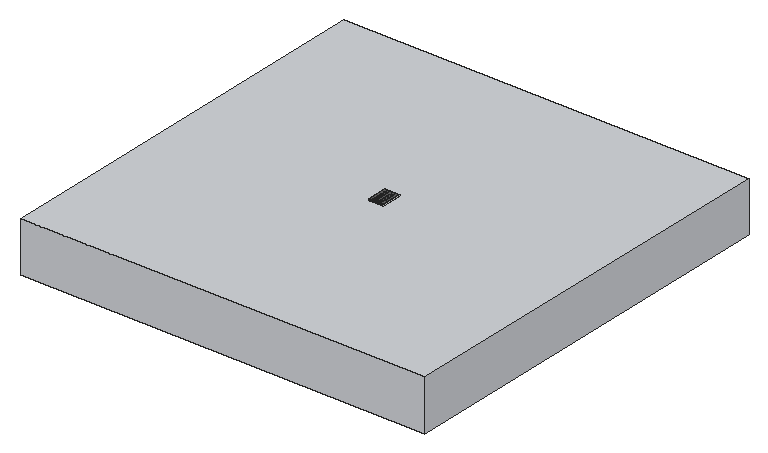
Revit family "Capacitive_touch_switch-TMDP8-AA_-AW_-PA_-PS_PW", category Equipos especializados, Revit 2018
Family settings
  Anfitrión = Cara
  Cota de conector redondo = Diámetro de uso
  Tipo de pieza = Normal
  Corte con vacíos al cargar = No
  Compartido = No
  Punto de cálculo de habitación = No
Parameters (values of type "ZVI-TMDP8-AA_surface")
  Width = 90.2 mm  # constant formula
  Weight = if(Constraints = 1, "180g", if(Constraints = 2, "140g", ""))  # "180g"
  Voltage typical (KNX supply) = "29VDC SELV"  # constant formula
  Voltage range (KNX supply) = "21...31VDC"  # constant formula
  URL = "http://www.zennio.com/en"
  Comentarios de tipo = "Completely customized image for printout glass through web application"  # constant formula
  Thermostats = 1  # constant formula
  Temperature sensor = "Built-in temperature sensor"  # constant formula
  Surface = if(Constraints3 = 1, 1 = 1, 1 = 0)  # yes
  Storage temperature = "-20ºC to +60ºC"  # constant formula
  Storage humidity = "30 to 85% RH (no condensation)"  # constant formula
  Protection class = "III"  # constant formula
  Product Page URL = "http://www.zennio.com/products/capacitive-switch/tmd-plus"
  PCB CTI index = "175 V"  # constant formula
  Orientation = "Vertical or horizontal position"  # constant formula
  Operation type = "Continuous operation"  # constant formula
  Operating temperature = "5ºC to +40ºC"  # constant formula
  Operating humidity = "30 to 85% RH (no condensation)"  # constant formula
  Modelo = if(and(Constraints = 1, Constraints2 = 1, Constraints3 = 1), "ZVI-TMDP8-AA_surface", if(and(Constraints = 1, Constraints2 = 1, Constraints3 = 2), "ZVI-TMDP8-AA_flush", if(and(Constraints = 2, Constraints2 = 1, Constraints3 = 1), "ZVI-TMDP8-PA_surface", if(and(Constraints = 2, Constraints2 = 1, Constraints3 = 2), "ZVI-TMDP8-PA_flush", if(and(Constraints = 1, Constraints2 = 2, Constraints3 = 1), "ZVI-TMDP8_surface", if(and(Constraints = 1, Constraints2 = 2, Constraints3 = 2), "ZVI-TMDP8_flush", if(and(Constraints = 2, Constraints2 = 2, Constraints3 = 1), "ZVI-TMDP8-P_surface", if(and(Constraints = 2, Constraints2 = 2, Constraints3 = 2), "ZVI-TMDP8-P_flush", if(and(Constraints = 1, Constraints2 = 3, Constraints3 = 1), "ZVI-TMDP8-AW_surface", if(and(Constraints = 1, Constraints2 = 3, Constraints3 = 2), "ZVI-TMDP8-AW_flush", if(and(Constraints = 2, Constraints2 = 3, Constraints3 = 1), "ZVI-TMDP8-PW_surface", if(and(Constraints = 2, Constraints2 = 3, Constraints3 = 2), "ZVI-TMDP8-PW_flush", " "))))))))))))  # "ZVI-TMDP8-AA_surface"
  Maximum consumption 29 VDC typical = "7mA"  # constant formula
  Maximum consumption 24 VDC = "8,5mA"  # constant formula
  Manufacturer Phone Number = "+34 925 232 002"  # constant formula
  Manufacturer Email = "info@zennio.com"  # constant formula
  Manufacturer Address = "C/ Río Jarama, 132. Nave P-8.11. 45007 Toledo. España"  # constant formula
  Fabricante = "Zennio Avance y Tecnología, S.L."  # constant formula
  Nota clave = "8 main touch areas and 5 auxiliary touch areas. State LED indicators with custom luminosity"  # constant formula
  Housing material = PC/ABS FR V0 halogen free - Anthracite
  Height = 122.7 mm  # constant formula
  Frame material = Aluminium frame
  Flush = if(Constraints3 = 2, 1 = 1, 1 = 0)  # no
  Fit = "Magnetic fit. Metallic stand included"  # constant formula
  External power supply connection = "No power supply different from the bus needed"  # constant formula
  Electrical stress period = "Long"  # constant formula
  Device action type = "Type 1"  # constant formula
  Descripción = "KNX Capacitive Touch Switch with 8 buttons"  # constant formula
  Depth_total = 25 mm  # constant formula
  Depth = 12 mm  # constant formula
  Degree of protection = "IP20, clean environment"  # constant formula
  Default Elevation = 1219.2 mm
  Copyright = "© 2017 Zennio Avance y Tecnología, S.L."  # constant formula
  Constraints3 = 1
  Constraints2 = 1
  Constraints = 1
  Connection type = "Typical TP1 bus connector for rigid cable 0.80 mm diameter"  # constant formula
  Complementary characteristics = "Class B"  # constant formula
  BCU = "Integrated KNX BCU"  # constant formula
  Analog/digital inputs = 2  # constant formula
Types (13, lengths in mm): name | Weight | Surface | Modelo | Housing material | Frame material | Flush | Constraints3 | Constraints2 | Constraints
  (no name) | "180g" | yes | "ZVI-TMDP8-AA_surface" | PC/ABS FR V0 halogen free - Anthracite | Aluminium frame | no | 1 | 1 | 1
  ZVI-TMDP8-PA_surface | "140g" | yes | "ZVI-TMDP8-PA_surface" | PC/ABS FR V0 halogen free - Anthracite | Polycarbonate frame - Anthracite | no | 1 | 1 | 2
  ZVI-TMDP8-PA_flush | "140g" | no | "ZVI-TMDP8-PA_flush" | PC/ABS FR V0 halogen free - Anthracite | Polycarbonate frame - Anthracite | yes | 2 | 1 | 2
  ZVI-TMDP8-AA_surface | "180g" | yes | "ZVI-TMDP8-AA_surface" | PC/ABS FR V0 halogen free - Anthracite | Aluminium frame | no | 1 | 1 | 1
  ZVI-TMDP8-AA_flush | "180g" | no | "ZVI-TMDP8-AA_flush" | PC/ABS FR V0 halogen free - Anthracite | Aluminium frame | yes | 2 | 1 | 1
  ZVI-TMDP8-AW_surface | "180g" | yes | "ZVI-TMDP8-AW_surface" | PC/ABS FR V0 halogen free - White | Aluminium frame | no | 1 | 3 | 1
  ZVI-TMDP8-PW_surface | "140g" | yes | "ZVI-TMDP8-PW_surface" | PC/ABS FR V0 halogen free - White | Polycarbonate frame - White | no | 1 | 3 | 2
  ZVI-TMDP8-AW_flush | "180g" | no | "ZVI-TMDP8-AW_flush" | PC/ABS FR V0 halogen free - White | Aluminium frame | yes | 2 | 3 | 1
  ZVI-TMDP8-PW_flush | "140g" | no | "ZVI-TMDP8-PW_flush" | PC/ABS FR V0 halogen free - White | Polycarbonate frame - White | yes | 2 | 3 | 2
  ZVI-TMDP8_surface | "180g" | yes | "ZVI-TMDP8_surface" | PC/ABS FR V0 halogen free - Silver | Aluminium frame | no | 1 | 2 | 1
  ZVI-TMDP8-P_surface | "140g" | yes | "ZVI-TMDP8-P_surface" | PC/ABS FR V0 halogen free - Silver | Polycarbonate frame - Silver | no | 1 | 2 | 2
  ZVI-TMDP8_flush | "180g" | no | "ZVI-TMDP8_flush" | PC/ABS FR V0 halogen free - Silver | Aluminium frame | yes | 2 | 2 | 1
  ZVI-TMDP8-P_flush | "140g" | no | "ZVI-TMDP8-P_flush" | PC/ABS FR V0 halogen free - Silver | Polycarbonate frame - Silver | yes | 2 | 2 | 2
Reference planes
  plane 1 "Center (Front/Back)": y = 0
  plane 2 "Ref. 1 top bis": z = 0
  plane 3 "Center (Left/Right)": x = 0
  plane 4 "Ref. left 1": x = -45.1
  plane 5 "Ref. 1 right": x = 45.1
  plane 6 "Ref. 1 front": y = 61.35
  plane 7 "Ref. 1 back": y = -61.35
  plane 8 "Ref. 2 front": y = 59.4
  plane 9 "Ref. 2 back": y = -59.4
  plane 10 "Ref. 2 left": x = -43.1
  plane 11 "Ref. 2 right": x = 43.1
  plane 12 "Ref. 1 top": z = 12
  plane 13 "Ref. 1 bottom": z = -13
  plane 14 "Ref. 2 bottom": z = 3
  plane 15 "Ref. 2 top": z = 10.5
  plane 16 "Ref. 3 bottom": z = 11
  plane 17 "Ref. 1 left bis": x = -45.1
  plane 18 "Ref. 2 left bis": x = -43.1
  plane 19 "Ref. 1 right bis": x = 45.1
  plane 20 "Ref. 2 right bis": x = 43.1
  plane 21 "Ref. 1 front bis": y = 61.35
  plane 22 "Ref. 2 front bis": y = 59.4
  plane 23 "Ref. 1 back bis": y = -61.35
  plane 24 "Ref. 2 back bis": y = -59.4
  plane 25 "Ref. 1 bottom bis": z = -25
  plane 26 "Ref. 2 bottom bis": z = -12
  plane 27 "Ref. 3 bottom bis": z = -9
  plane 28 "Ref. 3 top bis": z = -1.5
  plane 29 "Ref. 4 bottom bis": z = -1
  plane 30 "Ref. 3 left": x = -25.8
  plane 31 "Ref. 3 right": x = -9
  plane 32 "Ref. 4 right": x = 25.8
  plane 33 "Ref. 4 left": x = 9
  plane 34 "Ref. 3 front": y = 48.8
  plane 35 "Ref. 3 back": y = 32
  plane 36 "Ref. 4 front": y = 24.8
  plane 37 "Ref. 4 back": y = 8
  plane 38 "Ref. 5 front": y = 0.8
  plane 39 "Ref. 5 back": y = -16
  plane 40 "Ref. 6 front": y = -23.2
  plane 41 "Ref. 6 back": y = -40
  plane 42 "Ref. 7 back": y = -51.9
  plane 43 "Ref. 7 front": y = -50.3
  plane 44 "Ref. 3.1 right": x = -24.2
  plane 45 "Ref. 4.1 left": x = 24.2
  plane 46 "Ref. 5 left": x = -13.3
  plane 47 "Ref. 5 right": x = -11.7
  plane 48 "Ref. 6 left": x = -0.8
  plane 49 "Ref. 6 right": x = 0.8
  plane 50 "Ref. 7 left": x = 11.7
  plane 51 "Ref. 7 right": x = 13.3
  plane 52 "Ref. 3 left bis": x = -25.8
  plane 53 "Ref. 3 right bis": x = -9
  plane 54 "Ref. 4 right bis": x = 25.8
  plane 55 "Ref. 4 left bis": x = 9
  plane 56 "Ref. 3 front bis": y = 48.8
  plane 57 "Ref. 3 back bis": y = 32
  plane 58 "Ref. 4 front bis": y = 24.8
  plane 59 "Ref. 4 back bis": y = 8
  plane 60 "Ref. 5 front bis": y = 0.8
  plane 61 "Ref. 5 back bis": y = -16
  plane 62 "Ref. 6 front bis": y = -23.2
  plane 63 "Ref. 6 back bis": y = -40
  plane 64 "Ref. 7 back bis": y = -51.9
  plane 65 "Ref. 7 front bis": y = -50.3
  plane 66 "Ref 3.1 right bis": x = -24.2
  plane 67 "Ref. 4.1 left bis": x = 24.2
  plane 68 "Ref. 5 left bis": x = -13.3
  plane 69 "Ref. 5 right bis": x = -11.7
  plane 70 "Ref. 6 left bis": x = -0.8
  plane 71 "Ref. 6 right bis": x = 0.8
  plane 72 "Ref. 7 left bis": x = 11.7
  plane 73 "Ref. 7 right bis": x = 13.3
Forms (mm)
  Extrusion 1, solid
    sketch origin (0, 0, 0) x (1, 0, 0) y (0, 1, 0)
      loop
        line (-1219.2, 1219.2) -> (-1219.2, -1219.2) -> (1219.2, -1219.2) -> (1219.2, 1219.2) -> (-1219.2, 1219.2)
    from 0 to -304.8
  Extrusion 2, solid, material "Aluminium frame" <- "Frame material", visible <- "Surface", detail levels coarse
    sketch origin (0, 0, 0) x (1, 0, 0) y (0, 1, 0)
      loop
        line (-45.1, -61.35) -> (45.1, -61.35) -> (45.1, 61.35) -> (-45.1, 61.35) -> (-45.1, -61.35)
    from 3 to 10.5
  Extrusion 3, solid, material "Aluminium frame" <- "Frame material", visible <- "Surface", detail levels medium+fine
    sketch origin (0, 0, 0) x (1, 0, 0) y (0, 1, 0)
      loop
        arc (-43.1, 61.35) -> (-44.514, 60.764) -> (-45.1, 59.35) r 2
        line (-45.1, 59.35) -> (-45.1, -59.35)
        arc (-45.1, -59.35) -> (-44.514, -60.764) -> (-43.1, -61.35) r 2
        line (-43.1, -61.35) -> (43.05, -61.35)
        arc (43.05, -61.35) -> (44.5, -60.75) -> (45.1, -59.3) r 2.05
        line (45.1, -59.3) -> (45.1, 59.35)
        arc (45.1, 59.35) -> (44.514, 60.764) -> (43.1, 61.35) r 2
        line (43.1, 61.35) -> (-43.1, 61.35)
    from 3 to 10.5
  Extrusion 4, solid, material "PC/ABS FR V0 halogen free - Anthracite" <- "Housing material", visible <- "Surface"
    sketch origin (0, 0, 0) x (1, 0, 0) y (0, 1, 0)
      loop
        line (-14, 25) -> (-25, 14) -> (-25, -14) -> (-14, -25) -> (14, -25) -> (25, -14) -> (25, 13.994) -> (13.994, 25) -> (-14, 25)
    from -13 to 0
  Extrusion 5, solid, material "PC/ABS FR V0 halogen free - Anthracite" <- "Housing material", visible <- "Surface"
    sketch origin (0, 0, 0) x (1, 0, 0) y (0, 1, 0)
      loop
        line (42.6, 59.4) -> (-42.6, 59.4)
        arc (-42.6, 59.4) -> (-42.954, 59.254) -> (-43.1, 58.9) r 0.5
        line (-43.1, 58.9) -> (-43.1, -58.9)
        arc (-43.1, -58.9) -> (-42.954, -59.254) -> (-42.6, -59.4) r 0.5
        line (-42.6, -59.4) -> (42.6, -59.4)
        arc (42.6, -59.4) -> (42.954, -59.254) -> (43.1, -58.9) r 0.5
        line (43.1, -58.9) -> (43.1, 58.9)
        arc (43.1, 58.9) -> (42.954, 59.254) -> (42.6, 59.4) r 0.5
    from 0 to 12
  Extrusion 6, solid, material "Aluminium frame" <- "Frame material", visible <- "Flush", detail levels coarse
    sketch origin (0, 0, 0) x (1, 0, 0) y (0, 1, 0)
      loop
        line (-45.1, 61.35) -> (-45.1, -61.35) -> (45.1, -61.35) -> (45.1, 61.35) -> (-45.1, 61.35)
    from -9 to -1.5
  Extrusion 7, solid, material "Aluminium frame" <- "Frame material", visible <- "Flush", detail levels medium+fine
    sketch origin (0, 0, 0) x (1, 0, 0) y (0, 1, 0)
      loop
        arc (-43.1, 61.35) -> (-44.514, 60.764) -> (-45.1, 59.35) r 2
        line (-45.1, 59.35) -> (-45.1, -59.35)
        arc (-45.1, -59.35) -> (-44.514, -60.764) -> (-43.1, -61.35) r 2
        line (-43.1, -61.35) -> (43.1, -61.35)
        arc (43.1, -61.35) -> (44.514, -60.764) -> (45.1, -59.35) r 2
        line (45.1, -59.35) -> (45.1, 59.35)
        arc (45.1, 59.35) -> (44.514, 60.764) -> (43.1, 61.35) r 2
        line (43.1, 61.35) -> (-43.1, 61.35)
    from -9 to -1.5
  Extrusion 8, solid, material "PC/ABS FR V0 halogen free - Anthracite" <- "Housing material", visible <- "Flush"
    sketch origin (0, 0, 0) x (1, 0, 0) y (0, 1, 0)
      loop
        arc (-42.6, 59.4) -> (-42.954, 59.254) -> (-43.1, 58.9) r 0.5
        line (-43.1, 58.9) -> (-43.1, -58.9)
        arc (-43.1, -58.9) -> (-42.954, -59.254) -> (-42.6, -59.4) r 0.5
        line (-42.6, -59.4) -> (42.6, -59.4)
        arc (42.6, -59.4) -> (42.954, -59.254) -> (43.1, -58.9) r 0.5
        line (43.1, -58.9) -> (43.1, 58.9)
        arc (43.1, 58.9) -> (42.954, 59.254) -> (42.6, 59.4) r 0.5
        line (42.6, 59.4) -> (-42.6, 59.4)
    from -12 to 0
  Extrusion 9, solid, material "PC/ABS FR V0 halogen free - Anthracite" <- "Housing material", visible <- "Flush"
    sketch origin (0, 0, 0) x (1, 0, 0) y (0, 1, 0)
      loop
        line (-14, 25) -> (-25, 14) -> (-25, -14) -> (-14, -25) -> (14, -25) -> (25, -14) -> (25, 14) -> (14, 25) -> (-14, 25)
    from -25 to -12
  Extrusion 10, solid, material "PC/ABS FR V0 halogen free - Anthracite" <- "Housing material", visible <- "Surface", detail levels medium+fine
    sketch origin (0, 0, 0) x (1, 0, 0) y (0, 1, 0)
      loop
        line (-25.8, -50.3) -> (-25.8, -51.9) -> (-24.2, -51.9) -> (-24.2, -50.3) -> (-25.8, -50.3)
    from 11 to 12
  Extrusion 11, solid, material "PC/ABS FR V0 halogen free - Anthracite" <- "Housing material", visible <- "Surface", detail levels medium+fine
    sketch origin (30.442, -58.685, 0) x (1, 0, 0) y (0, 1, 0)
      loop
        line (-43.742, 8.385) -> (-43.742, 6.785) -> (-42.142, 6.785) -> (-42.142, 8.385) -> (-43.742, 8.385)
    from 11 to 12
  Extrusion 12, solid, material "PC/ABS FR V0 halogen free - Anthracite" <- "Housing material", visible <- "Surface", detail levels medium+fine
    sketch origin (25, 0, 0) x (1, 0, 0) y (0, 1, 0)
      loop
        line (-25.8, -50.3) -> (-25.8, -51.9) -> (-24.2, -51.9) -> (-24.2, -50.3) -> (-25.8, -50.3)
    from 11 to 12
  Extrusion 13, solid, material "PC/ABS FR V0 halogen free - Anthracite" <- "Housing material", visible <- "Surface", detail levels medium+fine
    sketch origin (50, 0, 0) x (1, 0, 0) y (0, 1, 0)
      loop
        line (-25.8, -50.3) -> (-25.8, -51.9) -> (-24.2, -51.9) -> (-24.2, -50.3) -> (-25.8, -50.3)
    from 11 to 12
  Extrusion 14, solid, material "PC/ABS FR V0 halogen free - Anthracite" <- "Housing material", visible <- "Surface", detail levels medium+fine
    sketch origin (37.5, 0, 0) x (1, 0, 0) y (0, 1, 0)
      loop
        line (-25.8, -50.3) -> (-25.8, -51.9) -> (-24.2, -51.9) -> (-24.2, -50.3) -> (-25.8, -50.3)
    from 11 to 12
  Extrusion 15, solid, material "PC/ABS FR V0 halogen free - Anthracite" <- "Housing material", visible <- "Surface"
    sketch origin (0, 0, 0) x (1, 0, 0) y (0, 1, 0)
      loop
        line (-25.8, 48.8) -> (-25.8, 32) -> (-9, 32) -> (-9, 48.8) -> (-25.8, 48.8)
    from 11 to 12
  Extrusion 16, solid, material "PC/ABS FR V0 halogen free - Anthracite" <- "Housing material", visible <- "Surface"
    sketch origin (0, -24, 0) x (1, 0, 0) y (0, 1, 0)
      loop
        line (-25.8, 48.8) -> (-25.8, 32) -> (-9, 32) -> (-9, 48.8) -> (-25.8, 48.8)
    from 11 to 12
  Extrusion 17, solid, material "PC/ABS FR V0 halogen free - Anthracite" <- "Housing material", visible <- "Surface"
    sketch origin (0, -48, 0) x (1, 0, 0) y (0, 1, 0)
      loop
        line (-25.8, 48.8) -> (-25.8, 32) -> (-9, 32) -> (-9, 48.8) -> (-25.8, 48.8)
    from 11 to 12
  Extrusion 18, solid, material "PC/ABS FR V0 halogen free - Anthracite" <- "Housing material", visible <- "Surface"
    sketch origin (0, -72, 0) x (1, 0, 0) y (0, 1, 0)
      loop
        line (-25.8, 48.8) -> (-25.8, 32) -> (-9, 32) -> (-9, 48.8) -> (-25.8, 48.8)
    from 11 to 12
  Extrusion 19, solid, material "PC/ABS FR V0 halogen free - Anthracite" <- "Housing material", visible <- "Surface"
    sketch origin (34.8, 0, 0) x (1, 0, 0) y (0, 1, 0)
      loop
        line (-25.8, 48.8) -> (-25.8, 32) -> (-9, 32) -> (-9, 48.8) -> (-25.8, 48.8)
    from 11 to 12
  Extrusion 20, solid, material "PC/ABS FR V0 halogen free - Anthracite" <- "Housing material", visible <- "Surface"
    sketch origin (34.8, -24, 0) x (1, 0, 0) y (0, 1, 0)
      loop
        line (-25.8, 48.8) -> (-25.8, 32) -> (-9, 32) -> (-9, 48.8) -> (-25.8, 48.8)
    from 11 to 12
  Extrusion 21, solid, material "PC/ABS FR V0 halogen free - Anthracite" <- "Housing material", visible <- "Surface"
    sketch origin (34.8, -48, 0) x (1, 0, 0) y (0, 1, 0)
      loop
        line (-25.8, 48.8) -> (-25.8, 32) -> (-9, 32) -> (-9, 48.8) -> (-25.8, 48.8)
    from 11 to 12
  Extrusion 22, solid, material "PC/ABS FR V0 halogen free - Anthracite" <- "Housing material", visible <- "Surface"
    sketch origin (34.8, -72, 0) x (1, 0, 0) y (0, 1, 0)
      loop
        line (-25.8, 48.8) -> (-25.8, 32) -> (-9, 32) -> (-9, 48.8) -> (-25.8, 48.8)
    from 11 to 12
  Extrusion 23, solid, material "PC/ABS FR V0 halogen free - Anthracite" <- "Housing material", visible <- "Flush"
    sketch origin (345, 0, 0) x (1, 0, 0) y (0, 1, 0)
      loop
        line (-370.8, 48.8) -> (-370.8, 32) -> (-354, 32) -> (-354, 48.8) -> (-370.8, 48.8)
    from -1 to 0
  Extrusion 24, solid, material "PC/ABS FR V0 halogen free - Anthracite" <- "Housing material", visible <- "Flush"
    sketch origin (379.8, 0, 0) x (1, 0, 0) y (0, 1, 0)
      loop
        line (-370.8, 48.8) -> (-370.8, 32) -> (-354, 32) -> (-354, 48.8) -> (-370.8, 48.8)
    from -1 to 0
  Extrusion 25, solid, material "PC/ABS FR V0 halogen free - Anthracite" <- "Housing material", visible <- "Flush"
    sketch origin (345, -24, 0) x (1, 0, 0) y (0, 1, 0)
      loop
        line (-370.8, 48.8) -> (-370.8, 32) -> (-354, 32) -> (-354, 48.8) -> (-370.8, 48.8)
    from -1 to 0
  Extrusion 26, solid, material "PC/ABS FR V0 halogen free - Anthracite" <- "Housing material", visible <- "Flush"
    sketch origin (345, -48, 0) x (1, 0, 0) y (0, 1, 0)
      loop
        line (-370.8, 48.8) -> (-370.8, 32) -> (-354, 32) -> (-354, 48.8) -> (-370.8, 48.8)
    from -1 to 0
  Extrusion 27, solid, material "PC/ABS FR V0 halogen free - Anthracite" <- "Housing material", visible <- "Flush"
    sketch origin (345, -72, 0) x (1, 0, 0) y (0, 1, 0)
      loop
        line (-370.8, 48.8) -> (-370.8, 32) -> (-354, 32) -> (-354, 48.8) -> (-370.8, 48.8)
    from -1 to 0
  Extrusion 28, solid, material "PC/ABS FR V0 halogen free - Anthracite" <- "Housing material", visible <- "Flush"
    sketch origin (379.8, -24, 0) x (1, 0, 0) y (0, 1, 0)
      loop
        line (-370.8, 48.8) -> (-370.8, 32) -> (-354, 32) -> (-354, 48.8) -> (-370.8, 48.8)
    from -1 to 0
  Extrusion 29, solid, material "PC/ABS FR V0 halogen free - Anthracite" <- "Housing material", visible <- "Flush"
    sketch origin (379.8, -48, 0) x (1, 0, 0) y (0, 1, 0)
      loop
        line (-370.8, 48.8) -> (-370.8, 32) -> (-354, 32) -> (-354, 48.8) -> (-370.8, 48.8)
    from -1 to 0
  Extrusion 30, solid, material "PC/ABS FR V0 halogen free - Anthracite" <- "Housing material", visible <- "Flush"
    sketch origin (379.8, -72, 0) x (1, 0, 0) y (0, 1, 0)
      loop
        line (-370.8, 48.8) -> (-370.8, 32) -> (-354, 32) -> (-354, 48.8) -> (-370.8, 48.8)
    from -1 to 0
  Extrusion 31, solid, material "PC/ABS FR V0 halogen free - Anthracite" <- "Housing material", visible <- "Flush", detail levels medium+fine
    sketch origin (345, 0, 0) x (1, 0, 0) y (0, 1, 0)
      loop
        line (-370.8, -50.3) -> (-370.8, -51.9) -> (-369.2, -51.9) -> (-369.2, -50.3) -> (-370.8, -50.3)
    from -1 to 0
  Extrusion 32, solid, material "PC/ABS FR V0 halogen free - Anthracite" <- "Housing material", visible <- "Flush", detail levels medium+fine
    sketch origin (357.5, 0, 0) x (1, 0, 0) y (0, 1, 0)
      loop
        line (-370.8, -50.3) -> (-370.8, -51.9) -> (-369.2, -51.9) -> (-369.2, -50.3) -> (-370.8, -50.3)
    from -1 to 0
  Extrusion 33, solid, material "PC/ABS FR V0 halogen free - Anthracite" <- "Housing material", visible <- "Flush", detail levels medium+fine
    sketch origin (370, 0, 0) x (1, 0, 0) y (0, 1, 0)
      loop
        line (-370.8, -50.3) -> (-370.8, -51.9) -> (-369.2, -51.9) -> (-369.2, -50.3) -> (-370.8, -50.3)
    from -1 to 0
  Extrusion 34, solid, material "PC/ABS FR V0 halogen free - Anthracite" <- "Housing material", visible <- "Flush", detail levels medium+fine
    sketch origin (382.5, 0, 0) x (1, 0, 0) y (0, 1, 0)
      loop
        line (-370.8, -50.3) -> (-370.8, -51.9) -> (-369.2, -51.9) -> (-369.2, -50.3) -> (-370.8, -50.3)
    from -1 to 0
  Extrusion 35, solid, material "PC/ABS FR V0 halogen free - Anthracite" <- "Housing material", visible <- "Flush", detail levels medium+fine
    sketch origin (395, 0, 0) x (1, 0, 0) y (0, 1, 0)
      loop
        line (-370.8, -50.3) -> (-370.8, -51.9) -> (-369.2, -51.9) -> (-369.2, -50.3) -> (-370.8, -50.3)
    from -1 to 0
Lines and regions (mm)
  reference lines
    curve 1: line (13.994, 25, 0) -> (-14, 25, 0)
    curve 2: line (-25, 14, 0) -> (-25, -14, 0)
    curve 3: line (-14, 25, 0) -> (-25, 14, 0)
    curve 4: line (25, -14, 0) -> (25, 13.994, 0)
    curve 5: line (14, -25, 0) -> (-14, -25, 0)
    curve 6: line (13.994, 25, 0) -> (25, 13.994, 0)
    curve 7: line (-25, -14, 0) -> (-14, -25, 0)
    curve 8: line (25, -14, 0) -> (14, -25, 0)
    curve 9: line (25, 0, -12) -> (-25, 0, -12)
    curve 10: line (-31, 25, -12) -> (31, 25, -12)
    curve 11: line (31, -25, -12) -> (-31, -25, -12)
    curve 12: line (25, 25, -12) -> (25, -25, -12)
    curve 13: line (-25, 25, -12) -> (-25, -25, -12)
    curve 14: line (-31, -8, -12) -> (-7.322, -31.678, -12)
    curve 15: line (31, -8, -12) -> (6.929, -32.071, -12)
    curve 16: line (8, 31, -12) -> (31, 8, -12)
    curve 17: line (-8, 31, -12) -> (-31, 8, -12)
Dimensions and locks
  equal spacing: plane 7 "Ref. 1 back", plane 1 "Center (Front/Back)", plane 6 "Ref. 1 front", locked at 61.35 each
  equal spacing: plane 4 "Ref. left 1", plane 3 "Center (Left/Right)", plane 5 "Ref. 1 right", locked at 45.1 each
  "Width": plane 4 "Ref. left 1" to plane 5 "Ref. 1 right"
  "Height": plane 7 "Ref. 1 back" to plane 6 "Ref. 1 front"
  equal spacing: plane 9 "Ref. 2 back", plane 1 "Center (Front/Back)", plane 8 "Ref. 2 front", locked at 59.4 each
  equal spacing: plane 10 "Ref. 2 left", plane 3 "Center (Left/Right)", plane 11 "Ref. 2 right", locked at 43.1 each
  locked: plane 2 "Ref. 1 top bis" to plane 12 "Ref. 1 top" at 12
  locked: plane 16 "Ref. 3 bottom" to plane 12 "Ref. 1 top" at 1
  locked: plane 15 "Ref. 2 top" to plane 16 "Ref. 3 bottom" at 0.5
  locked: plane 14 "Ref. 2 bottom" to plane 15 "Ref. 2 top" at 7.5
  equal spacing: plane 17 "Ref. 1 left bis", plane 3 "Center (Left/Right)", plane 19 "Ref. 1 right bis", locked at 45.1 each
  "Width": plane 17 "Ref. 1 left bis" to plane 19 "Ref. 1 right bis"
  equal spacing: plane 18 "Ref. 2 left bis", plane 3 "Center (Left/Right)", plane 20 "Ref. 2 right bis", locked at 43.1 each
  equal spacing: plane 23 "Ref. 1 back bis", plane 1 "Center (Front/Back)", plane 21 "Ref. 1 front bis", locked at 61.35 each
  "Height": plane 23 "Ref. 1 back bis" to plane 21 "Ref. 1 front bis"
  equal spacing: plane 24 "Ref. 2 back bis", plane 1 "Center (Front/Back)", plane 22 "Ref. 2 front bis", locked at 59.4 each
  locked: plane 26 "Ref. 2 bottom bis" to level at 12
  locked: plane 29 "Ref. 4 bottom bis" to plane 2 "Ref. 1 top bis" at 1
  locked: plane 28 "Ref. 3 top bis" to plane 29 "Ref. 4 bottom bis" at 0.5
  locked: plane 27 "Ref. 3 bottom bis" to plane 28 "Ref. 3 top bis" at 7.5
  locked: plane 25 "Ref. 1 bottom bis" to plane 2 "Ref. 1 top bis" at 25
  locked: plane 13 "Ref. 1 bottom" to plane 12 "Ref. 1 top" at 25
  locked: plane 34 "Ref. 3 front" to plane 21 "Ref. 1 front bis" at 12.55
  locked: plane 35 "Ref. 3 back" to plane 34 "Ref. 3 front" at 16.8
  locked: plane 35 "Ref. 3 back" to plane 36 "Ref. 4 front" at 7.2
  locked: plane 7 "Ref. 1 back" to plane 42 "Ref. 7 back" at 9.45
  locked: plane 43 "Ref. 7 front" to plane 42 "Ref. 7 back" at 1.6
  locked: plane 56 "Ref. 3 front bis" to plane 21 "Ref. 1 front bis" at 12.55
  locked: plane 57 "Ref. 3 back bis" to plane 56 "Ref. 3 front bis" at 16.8
  locked: plane 57 "Ref. 3 back bis" to plane 58 "Ref. 4 front bis" at 7.2
  locked: plane 23 "Ref. 1 back bis" to plane 64 "Ref. 7 back bis" at 9.45
  locked: plane 65 "Ref. 7 front bis" to plane 64 "Ref. 7 back bis" at 1.6
  plane 40 "Ref. 6 front" to plane 39 "Ref. 5 back" to plane 38 "Ref. 5 front" to plane 37 "Ref. 4 back" to plane 36 "Ref. 4 front" = 7.2 mm locked, 16.8 mm locked, 7.2 mm locked, 16.8 mm locked
  plane 62 "Ref. 6 front bis" to plane 61 "Ref. 5 back bis" to plane 60 "Ref. 5 front bis" to plane 59 "Ref. 4 back bis" to plane 58 "Ref. 4 front bis" = 7.2 mm locked, 16.8 mm locked, 7.2 mm locked, 16.8 mm locked
  locked: plane 63 "Ref. 6 back bis" to plane 65 "Ref. 7 front bis" at 10.3
  locked: plane 41 "Ref. 6 back" to plane 43 "Ref. 7 front" at 10.3
  plane 30 "Ref. 3 left" to plane 31 "Ref. 3 right" to plane 33 "Ref. 4 left" to plane 32 "Ref. 4 right" to plane 5 "Ref. 1 right" = 16.8 mm locked, 18 mm locked, 16.8 mm locked, 19.3 mm locked
  plane 66 "Ref 3.1 right bis" to plane 68 "Ref. 5 left bis" to plane 69 "Ref. 5 right bis" to plane 70 "Ref. 6 left bis" to plane 71 "Ref. 6 right bis" to plane 72 "Ref. 7 left bis" to plane 73 "Ref. 7 right bis" to plane 67 "Ref. 4.1 left bis" to plane 54 "Ref. 4 right bis" = 10.9 mm locked, 1.6 mm locked, 10.9 mm locked, 1.6 mm locked, 10.9 mm locked, 1.6 mm locked, 10.9 mm locked, 1.6 mm locked
  plane 44 "Ref. 3.1 right" to plane 46 "Ref. 5 left" to plane 47 "Ref. 5 right" to plane 48 "Ref. 6 left" to plane 49 "Ref. 6 right" to plane 50 "Ref. 7 left" to plane 51 "Ref. 7 right" to plane 45 "Ref. 4.1 left" to plane 32 "Ref. 4 right" = 10.9 mm locked, 1.6 mm locked, 10.9 mm locked, 1.6 mm locked, 10.9 mm locked, 1.6 mm locked, 10.9 mm locked, 1.6 mm locked
  plane 52 "Ref. 3 left bis" to plane 53 "Ref. 3 right bis" to plane 55 "Ref. 4 left bis" to plane 54 "Ref. 4 right bis" to plane 19 "Ref. 1 right bis" = 16.8 mm locked, 18 mm locked, 16.8 mm locked, 19.3 mm locked
  aligned and locked: plane 2 "Ref. 1 top bis" to Extrusion 1
  aligned and locked: level to Extrusion 1
  aligned and locked: curve 3 to Extrusion 4
  aligned and locked: curve 1 to Extrusion 4
  aligned and locked: curve 6 to Extrusion 4
  aligned and locked: curve 4 to Extrusion 4
  aligned and locked: curve 8 to Extrusion 4
  aligned and locked: curve 5 to Extrusion 4
  aligned and locked: curve 7 to Extrusion 4
  aligned and locked: curve 2 to Extrusion 4
  aligned and locked: Extrusion 3 to plane 6 "Ref. 1 front"
  aligned and locked: Extrusion 2 to plane 6 "Ref. 1 front"
  aligned and locked: plane 4 "Ref. left 1" to Extrusion 3
  aligned and locked: plane 4 "Ref. left 1" to Extrusion 2
  aligned and locked: plane 7 "Ref. 1 back" to Extrusion 3
  aligned and locked: plane 7 "Ref. 1 back" to Extrusion 2
  aligned and locked: Extrusion 3 to plane 5 "Ref. 1 right"
  aligned and locked: Extrusion 2 to plane 5 "Ref. 1 right"
  aligned and locked: Extrusion 5 to plane 8 "Ref. 2 front"
  aligned and locked: plane 10 "Ref. 2 left" to Extrusion 5
  aligned and locked: plane 9 "Ref. 2 back" to Extrusion 5
  aligned and locked: Extrusion 5 to plane 11 "Ref. 2 right"
  aligned and locked: plane 13 "Ref. 1 bottom" to Extrusion 4
  aligned and locked: Extrusion 5 to plane 2 "Ref. 1 top bis"
  aligned and locked: Extrusion 5 to plane 12 "Ref. 1 top"
  aligned and locked: plane 14 "Ref. 2 bottom" to Extrusion 3
  aligned and locked: Extrusion 3 to plane 15 "Ref. 2 top"
  aligned and locked: plane 2 "Ref. 1 top bis" to Extrusion 4
  aligned and locked: plane 17 "Ref. 1 left bis" to Extrusion 7
  aligned and locked: plane 17 "Ref. 1 left bis" to Extrusion 6
  aligned and locked: plane 18 "Ref. 2 left bis" to Extrusion 8
  aligned and locked: Extrusion 7 to plane 19 "Ref. 1 right bis"
  aligned and locked: Extrusion 6 to plane 19 "Ref. 1 right bis"
  aligned and locked: Extrusion 8 to plane 20 "Ref. 2 right bis"
  aligned and locked: Extrusion 7 to plane 21 "Ref. 1 front bis"
  aligned and locked: Extrusion 6 to plane 21 "Ref. 1 front bis"
  aligned and locked: Extrusion 8 to plane 22 "Ref. 2 front bis"
  aligned and locked: plane 24 "Ref. 2 back bis" to Extrusion 8
  aligned and locked: plane 23 "Ref. 1 back bis" to Extrusion 7
  aligned and locked: plane 23 "Ref. 1 back bis" to Extrusion 6
  aligned and locked: plane 25 "Ref. 1 bottom bis" to Extrusion 9
  aligned and locked: plane 26 "Ref. 2 bottom bis" to Extrusion 8
  aligned and locked: Extrusion 8 to plane 26 "Ref. 2 bottom bis"
  aligned and locked: plane 2 "Ref. 1 top bis" to Extrusion 8
  aligned and locked: plane 27 "Ref. 3 bottom bis" to Extrusion 7
  aligned and locked: Extrusion 6 to plane 28 "Ref. 3 top bis"
  aligned and locked: Extrusion 9 to plane 26 "Ref. 2 bottom bis"
  aligned and locked: Extrusion 7 to plane 28 "Ref. 3 top bis"
  aligned and locked: curve 17 to Extrusion 9
  aligned and locked: curve 13 to Extrusion 9
  aligned and locked: curve 14 to Extrusion 9
  aligned and locked: Extrusion 9 to curve 11
  aligned and locked: Extrusion 9 to curve 15
  aligned and locked: Extrusion 9 to curve 12
  aligned and locked: Extrusion 9 to curve 16
  aligned and locked: Extrusion 9 to curve 10
  aligned and locked: plane 43 "Ref. 7 front" to Extrusion 10
  aligned and locked: plane 43 "Ref. 7 front" to Extrusion 11
  aligned and locked: plane 43 "Ref. 7 front" to Extrusion 12
  aligned and locked: plane 43 "Ref. 7 front" to Extrusion 14
  aligned and locked: plane 43 "Ref. 7 front" to Extrusion 13
  aligned and locked: Extrusion 10 to plane 42 "Ref. 7 back"
  aligned and locked: Extrusion 11 to plane 42 "Ref. 7 back"
  aligned and locked: Extrusion 12 to plane 42 "Ref. 7 back"
  aligned and locked: Extrusion 14 to plane 42 "Ref. 7 back"
  aligned and locked: Extrusion 13 to plane 42 "Ref. 7 back"
  aligned and locked: plane 30 "Ref. 3 left" to Extrusion 10
  aligned and locked: plane 46 "Ref. 5 left" to Extrusion 11
  aligned and locked: plane 48 "Ref. 6 left" to Extrusion 12
  aligned and locked: plane 50 "Ref. 7 left" to Extrusion 14
  aligned and locked: Extrusion 13 to plane 45 "Ref. 4.1 left"
  aligned and locked: plane 44 "Ref. 3.1 right" to Extrusion 10
  aligned and locked: plane 47 "Ref. 5 right" to Extrusion 11
  aligned and locked: Extrusion 12 to plane 49 "Ref. 6 right"
  aligned and locked: Extrusion 14 to plane 51 "Ref. 7 right"
  aligned and locked: Extrusion 13 to plane 32 "Ref. 4 right"
  aligned and locked: Extrusion 15 to plane 34 "Ref. 3 front"
  aligned and locked: Extrusion 19 to plane 34 "Ref. 3 front"
  aligned and locked: Extrusion 15 to plane 35 "Ref. 3 back"
  aligned and locked: Extrusion 19 to plane 35 "Ref. 3 back"
  aligned and locked: plane 30 "Ref. 3 left" to Extrusion 15
  aligned and locked: plane 31 "Ref. 3 right" to Extrusion 15
  aligned and locked: plane 33 "Ref. 4 left" to Extrusion 19
  aligned and locked: Extrusion 19 to plane 32 "Ref. 4 right"
  aligned and locked: Extrusion 16 to plane 36 "Ref. 4 front"
  aligned and locked: Extrusion 20 to plane 36 "Ref. 4 front"
  aligned and locked: Extrusion 16 to plane 37 "Ref. 4 back"
  aligned and locked: Extrusion 20 to plane 37 "Ref. 4 back"
  aligned and locked: plane 30 "Ref. 3 left" to Extrusion 16
  aligned and locked: plane 31 "Ref. 3 right" to Extrusion 16
  aligned and locked: plane 33 "Ref. 4 left" to Extrusion 20
  aligned and locked: Extrusion 20 to plane 32 "Ref. 4 right"
  aligned and locked: plane 30 "Ref. 3 left" to Extrusion 17
  aligned and locked: plane 31 "Ref. 3 right" to Extrusion 17
  aligned and locked: plane 33 "Ref. 4 left" to Extrusion 21
  aligned and locked: Extrusion 21 to plane 32 "Ref. 4 right"
  aligned and locked: Extrusion 17 to plane 38 "Ref. 5 front"
  aligned and locked: Extrusion 21 to plane 38 "Ref. 5 front"
  aligned and locked: Extrusion 17 to plane 39 "Ref. 5 back"
  aligned and locked: Extrusion 21 to plane 39 "Ref. 5 back"
  aligned and locked: Extrusion 18 to plane 40 "Ref. 6 front"
  aligned and locked: Extrusion 22 to plane 40 "Ref. 6 front"
  aligned and locked: Extrusion 18 to plane 41 "Ref. 6 back"
  aligned and locked: Extrusion 22 to plane 41 "Ref. 6 back"
  aligned and locked: plane 30 "Ref. 3 left" to Extrusion 18
  aligned and locked: plane 31 "Ref. 3 right" to Extrusion 18
  aligned and locked: plane 33 "Ref. 4 left" to Extrusion 22
  aligned and locked: Extrusion 22 to plane 32 "Ref. 4 right"
  aligned and locked: Extrusion 19 to plane 12 "Ref. 1 top"
  aligned and locked: Extrusion 15 to plane 12 "Ref. 1 top"
  aligned and locked: plane 16 "Ref. 3 bottom" to Extrusion 19
  aligned and locked: plane 16 "Ref. 3 bottom" to Extrusion 15
  aligned and locked: Extrusion 20 to plane 12 "Ref. 1 top"
  aligned and locked: Extrusion 16 to plane 12 "Ref. 1 top"
  aligned and locked: plane 16 "Ref. 3 bottom" to Extrusion 20
  aligned and locked: plane 16 "Ref. 3 bottom" to Extrusion 16
  aligned and locked: Extrusion 21 to plane 12 "Ref. 1 top"
  aligned and locked: Extrusion 17 to plane 12 "Ref. 1 top"
  aligned and locked: plane 16 "Ref. 3 bottom" to Extrusion 21
  aligned and locked: plane 16 "Ref. 3 bottom" to Extrusion 17
  aligned and locked: Extrusion 22 to plane 12 "Ref. 1 top"
  aligned and locked: Extrusion 18 to plane 12 "Ref. 1 top"
  aligned and locked: plane 16 "Ref. 3 bottom" to Extrusion 22
  aligned and locked: plane 16 "Ref. 3 bottom" to Extrusion 18
  aligned and locked: Extrusion 13 to plane 12 "Ref. 1 top"
  aligned and locked: Extrusion 14 to plane 12 "Ref. 1 top"
  aligned and locked: Extrusion 12 to plane 12 "Ref. 1 top"
  aligned and locked: Extrusion 11 to plane 12 "Ref. 1 top"
  aligned and locked: Extrusion 10 to plane 12 "Ref. 1 top"
  aligned and locked: plane 16 "Ref. 3 bottom" to Extrusion 13
  aligned and locked: plane 16 "Ref. 3 bottom" to Extrusion 14
  aligned and locked: plane 16 "Ref. 3 bottom" to Extrusion 12
  aligned and locked: plane 16 "Ref. 3 bottom" to Extrusion 11
  aligned and locked: plane 16 "Ref. 3 bottom" to Extrusion 10
  aligned and locked: Extrusion 23 to plane 56 "Ref. 3 front bis"
  aligned and locked: Extrusion 24 to plane 56 "Ref. 3 front bis"
  aligned and locked: Extrusion 23 to plane 57 "Ref. 3 back bis"
  aligned and locked: Extrusion 24 to plane 57 "Ref. 3 back bis"
  aligned and locked: Extrusion 25 to plane 58 "Ref. 4 front bis"
  aligned and locked: Extrusion 28 to plane 58 "Ref. 4 front bis"
  aligned and locked: Extrusion 25 to plane 59 "Ref. 4 back bis"
  aligned and locked: Extrusion 28 to plane 59 "Ref. 4 back bis"
  aligned and locked: Extrusion 26 to plane 60 "Ref. 5 front bis"
  aligned and locked: Extrusion 29 to plane 60 "Ref. 5 front bis"
  aligned and locked: Extrusion 26 to plane 61 "Ref. 5 back bis"
  aligned and locked: Extrusion 29 to plane 61 "Ref. 5 back bis"
  aligned and locked: Extrusion 27 to plane 62 "Ref. 6 front bis"
  aligned and locked: Extrusion 30 to plane 62 "Ref. 6 front bis"
  aligned and locked: Extrusion 27 to plane 63 "Ref. 6 back bis"
  aligned and locked: Extrusion 30 to plane 63 "Ref. 6 back bis"
  aligned and locked: plane 52 "Ref. 3 left bis" to Extrusion 23
  aligned and locked: plane 53 "Ref. 3 right bis" to Extrusion 23
  aligned and locked: plane 55 "Ref. 4 left bis" to Extrusion 24
  aligned and locked: Extrusion 24 to plane 54 "Ref. 4 right bis"
  aligned and locked: plane 52 "Ref. 3 left bis" to Extrusion 25
  aligned and locked: plane 53 "Ref. 3 right bis" to Extrusion 25
  aligned and locked: plane 55 "Ref. 4 left bis" to Extrusion 28
  aligned and locked: Extrusion 28 to plane 54 "Ref. 4 right bis"
  aligned and locked: plane 52 "Ref. 3 left bis" to Extrusion 26
  aligned and locked: plane 53 "Ref. 3 right bis" to Extrusion 26
  aligned and locked: plane 55 "Ref. 4 left bis" to Extrusion 29
  aligned and locked: Extrusion 29 to plane 54 "Ref. 4 right bis"
  aligned and locked: plane 52 "Ref. 3 left bis" to Extrusion 27
  aligned and locked: plane 53 "Ref. 3 right bis" to Extrusion 27
  aligned and locked: plane 55 "Ref. 4 left bis" to Extrusion 30
  aligned and locked: Extrusion 30 to plane 54 "Ref. 4 right bis"
  aligned and locked: plane 65 "Ref. 7 front bis" to Extrusion 31
  aligned and locked: plane 65 "Ref. 7 front bis" to Extrusion 32
  aligned and locked: plane 65 "Ref. 7 front bis" to Extrusion 33
  aligned and locked: plane 65 "Ref. 7 front bis" to Extrusion 34
  aligned and locked: plane 65 "Ref. 7 front bis" to Extrusion 35
  aligned and locked: Extrusion 31 to plane 64 "Ref. 7 back bis"
  aligned and locked: Extrusion 32 to plane 64 "Ref. 7 back bis"
  aligned and locked: Extrusion 33 to plane 64 "Ref. 7 back bis"
  aligned and locked: Extrusion 34 to plane 64 "Ref. 7 back bis"
  aligned and locked: Extrusion 35 to plane 64 "Ref. 7 back bis"
  aligned and locked: plane 52 "Ref. 3 left bis" to Extrusion 31
  aligned and locked: plane 66 "Ref 3.1 right bis" to Extrusion 31
  aligned and locked: plane 68 "Ref. 5 left bis" to Extrusion 32
  aligned and locked: plane 69 "Ref. 5 right bis" to Extrusion 32
  aligned and locked: plane 70 "Ref. 6 left bis" to Extrusion 33
  aligned and locked: Extrusion 33 to plane 71 "Ref. 6 right bis"
  aligned and locked: plane 72 "Ref. 7 left bis" to Extrusion 34
  aligned and locked: Extrusion 34 to plane 73 "Ref. 7 right bis"
  aligned and locked: Extrusion 35 to plane 67 "Ref. 4.1 left bis"
  aligned and locked: Extrusion 35 to plane 54 "Ref. 4 right bis"
  aligned and locked: plane 29 "Ref. 4 bottom bis" to Extrusion 24
  aligned and locked: plane 2 "Ref. 1 top bis" to Extrusion 24
  aligned and locked: plane 29 "Ref. 4 bottom bis" to Extrusion 23
  aligned and locked: plane 2 "Ref. 1 top bis" to Extrusion 23
  aligned and locked: plane 29 "Ref. 4 bottom bis" to Extrusion 28
  aligned and locked: plane 29 "Ref. 4 bottom bis" to Extrusion 25
  aligned and locked: plane 2 "Ref. 1 top bis" to Extrusion 28
  aligned and locked: plane 2 "Ref. 1 top bis" to Extrusion 25
  aligned and locked: plane 29 "Ref. 4 bottom bis" to Extrusion 29
  aligned and locked: plane 29 "Ref. 4 bottom bis" to Extrusion 26
  aligned and locked: plane 2 "Ref. 1 top bis" to Extrusion 29
  aligned and locked: plane 2 "Ref. 1 top bis" to Extrusion 26
  aligned and locked: plane 29 "Ref. 4 bottom bis" to Extrusion 30
  aligned and locked: plane 29 "Ref. 4 bottom bis" to Extrusion 27
  aligned and locked: plane 2 "Ref. 1 top bis" to Extrusion 30
  aligned and locked: plane 2 "Ref. 1 top bis" to Extrusion 27
  aligned and locked: Extrusion 30 to plane 29 "Ref. 4 bottom bis"
  aligned and locked: Extrusion 27 to plane 29 "Ref. 4 bottom bis"
  aligned and locked: plane 29 "Ref. 4 bottom bis" to Extrusion 35
  aligned and locked: plane 29 "Ref. 4 bottom bis" to Extrusion 34
  aligned and locked: plane 29 "Ref. 4 bottom bis" to Extrusion 33
  aligned and locked: plane 29 "Ref. 4 bottom bis" to Extrusion 32
  aligned and locked: plane 29 "Ref. 4 bottom bis" to Extrusion 31
  aligned and locked: plane 2 "Ref. 1 top bis" to Extrusion 35
  aligned and locked: plane 2 "Ref. 1 top bis" to Extrusion 34
  aligned and locked: plane 2 "Ref. 1 top bis" to Extrusion 33
  aligned and locked: plane 2 "Ref. 1 top bis" to Extrusion 32
  aligned and locked: plane 2 "Ref. 1 top bis" to Extrusion 31
Automatic sketch dimensions
  Extrusion 1 sketch curve to Extrusion 1 sketch curve = 2438.4 mm  (x2)
  Extrusion 2 sketch curve to plane 4 "Ref. left 1" = 0 mm
  Extrusion 2 sketch curve to plane 5 "Ref. 1 right" = 0 mm
  plane 7 "Ref. 1 back" to Extrusion 2 sketch curve = 0 mm
  plane 6 "Ref. 1 front" to Extrusion 2 sketch curve = 0 mm
  Extrusion 3 sketch curve to plane 4 "Ref. left 1" = 0 mm
  plane 7 "Ref. 1 back" to Extrusion 3 sketch curve = 0 mm
  Extrusion 3 sketch curve to plane 10 "Ref. 2 left" = 0 mm  (x2)
  plane 6 "Ref. 1 front" to Extrusion 3 sketch curve = 0 mm
  Extrusion 3 sketch curve to plane 11 "Ref. 2 right" = 0 mm
  Extrusion 3 sketch curve to plane 5 "Ref. 1 right" = 0 mm
  plane 11 "Ref. 2 right" to Extrusion 3 sketch curve = 0.05 mm
  curve 7 to plane 30 "Ref. 3 left" = 0.8 mm
  curve 3 to plane 36 "Ref. 4 front" = 0.2 mm
  plane 46 "Ref. 5 left" to curve 3 = 0.7 mm
  plane 46 "Ref. 5 left" to curve 7 = 0.7 mm
  curve 1 to plane 51 "Ref. 7 right" = 0.694 mm
  curve 5 to plane 51 "Ref. 7 right" = 0.7 mm
  plane 32 "Ref. 4 right" to curve 4 = 0.8 mm
  plane 37 "Ref. 4 back" to curve 3 = 6 mm
  plane 37 "Ref. 4 back" to curve 6 = 5.994 mm
  plane 39 "Ref. 5 back" to curve 8 = 2 mm
  plane 39 "Ref. 5 back" to curve 2 = 2 mm
  plane 40 "Ref. 6 front" to curve 8 = 1.8 mm
  Extrusion 4 sketch curve to plane 30 "Ref. 3 left" = 0.8 mm
  Extrusion 4 sketch curve to plane 36 "Ref. 4 front" = 0.2 mm
  plane 46 "Ref. 5 left" to Extrusion 4 sketch curve = 0.7 mm  (x2)
  Extrusion 4 sketch curve to plane 51 "Ref. 7 right" = 0.694 mm
  Extrusion 4 sketch curve to plane 51 "Ref. 7 right" = 0.7 mm
  plane 32 "Ref. 4 right" to Extrusion 4 sketch curve = 0.8 mm
  plane 37 "Ref. 4 back" to Extrusion 4 sketch curve = 6 mm
  plane 37 "Ref. 4 back" to Extrusion 4 sketch curve = 5.994 mm
  plane 39 "Ref. 5 back" to Extrusion 4 sketch curve = 2 mm  (x2)
  plane 40 "Ref. 6 front" to Extrusion 4 sketch curve = 1.8 mm
  Extrusion 5 sketch curve to plane 10 "Ref. 2 left" = 0 mm
  plane 8 "Ref. 2 front" to Extrusion 5 sketch curve = 0 mm
  plane 9 "Ref. 2 back" to Extrusion 5 sketch curve = 0 mm
  Extrusion 5 sketch curve to plane 11 "Ref. 2 right" = 0 mm
  Extrusion 5 sketch curve to plane 10 "Ref. 2 left" = 0.5 mm
  Extrusion 5 sketch curve to plane 9 "Ref. 2 back" = 0.5 mm
  plane 11 "Ref. 2 right" to Extrusion 5 sketch curve = 0.5 mm
  plane 8 "Ref. 2 front" to Extrusion 5 sketch curve = 0.5 mm
  Extrusion 6 sketch curve to plane 4 "Ref. left 1" = 0 mm
  Extrusion 6 sketch curve to plane 5 "Ref. 1 right" = 0 mm
  plane 7 "Ref. 1 back" to Extrusion 6 sketch curve = 0 mm
  plane 6 "Ref. 1 front" to Extrusion 6 sketch curve = 0 mm
  Extrusion 7 sketch curve to plane 4 "Ref. left 1" = 0 mm
  plane 7 "Ref. 1 back" to Extrusion 7 sketch curve = 0 mm
  Extrusion 7 sketch curve to plane 10 "Ref. 2 left" = 0 mm  (x2)
  plane 6 "Ref. 1 front" to Extrusion 7 sketch curve = 0 mm
  Extrusion 7 sketch curve to plane 11 "Ref. 2 right" = 0 mm  (x2)
  Extrusion 7 sketch curve to plane 5 "Ref. 1 right" = 0 mm
  Extrusion 8 sketch curve to plane 10 "Ref. 2 left" = 0 mm
  plane 9 "Ref. 2 back" to Extrusion 8 sketch curve = 0 mm
  plane 8 "Ref. 2 front" to Extrusion 8 sketch curve = 0 mm
  Extrusion 8 sketch curve to plane 11 "Ref. 2 right" = 0 mm
  Extrusion 8 sketch curve to plane 10 "Ref. 2 left" = 0.5 mm
  Extrusion 8 sketch curve to Extrusion 8 sketch curve = 0.5 mm
  plane 11 "Ref. 2 right" to Extrusion 8 sketch curve = 0.5 mm
  Extrusion 8 sketch curve to plane 9 "Ref. 2 back" = 0.5 mm
  Extrusion 9 sketch curve to plane 30 "Ref. 3 left" = 0.8 mm
  Extrusion 9 sketch curve to plane 36 "Ref. 4 front" = 0.2 mm
  plane 46 "Ref. 5 left" to Extrusion 9 sketch curve = 0.7 mm  (x2)
  Extrusion 9 sketch curve to plane 51 "Ref. 7 right" = 0.7 mm  (x2)
  plane 32 "Ref. 4 right" to Extrusion 9 sketch curve = 0.8 mm
  plane 37 "Ref. 4 back" to Extrusion 9 sketch curve = 6 mm  (x2)
  plane 39 "Ref. 5 back" to Extrusion 9 sketch curve = 2 mm  (x2)
  plane 40 "Ref. 6 front" to Extrusion 9 sketch curve = 1.8 mm
  curve 9 to plane 26 "Ref. 2 bottom bis" = 0 mm
  curve 9 to plane 30 "Ref. 3 left" = 0.8 mm
  plane 32 "Ref. 4 right" to curve 9 = 0.8 mm
  curve 17 to plane 37 "Ref. 4 back" = 0 mm
  curve 16 to plane 37 "Ref. 4 back" = 0 mm
  curve 10 to plane 36 "Ref. 4 front" = 0.2 mm
  curve 10 to plane 32 "Ref. 4 right" = 5.2 mm
  plane 1 "Center (Front/Back)" to curve 15 = 8 mm
  plane 1 "Center (Front/Back)" to curve 14 = 8 mm
  plane 32 "Ref. 4 right" to curve 12 = 0.8 mm
  plane 40 "Ref. 6 front" to curve 12 = 1.8 mm
  plane 31 "Ref. 3 right" to curve 14 = 1.678 mm
  plane 41 "Ref. 6 back" to curve 14 = 8.322 mm
  plane 33 "Ref. 4 left" to curve 15 = 2.071 mm
  plane 41 "Ref. 6 back" to curve 15 = 7.929 mm
  curve 17 to plane 35 "Ref. 3 back" = 1 mm
  curve 16 to plane 35 "Ref. 3 back" = 1 mm
  curve 11 to plane 32 "Ref. 4 right" = 5.2 mm
  curve 16 to plane 32 "Ref. 4 right" = 5.2 mm
  curve 15 to plane 32 "Ref. 4 right" = 5.2 mm
  plane 33 "Ref. 4 left" to curve 16 = 1 mm
  plane 31 "Ref. 3 right" to curve 17 = 1 mm
  curve 13 to plane 30 "Ref. 3 left" = 0.8 mm
  plane 30 "Ref. 3 left" to curve 11 = 5.2 mm
  plane 30 "Ref. 3 left" to curve 10 = 5.2 mm
  plane 30 "Ref. 3 left" to curve 14 = 5.2 mm
  plane 30 "Ref. 3 left" to curve 17 = 5.2 mm
  Extrusion 10 sketch curve to plane 30 "Ref. 3 left" = 0 mm
  Extrusion 10 sketch curve to plane 42 "Ref. 7 back" = 0 mm
  Extrusion 10 sketch curve to plane 44 "Ref. 3.1 right" = 0 mm
  Extrusion 10 sketch curve to plane 43 "Ref. 7 front" = 0 mm
  Extrusion 11 sketch curve to plane 43 "Ref. 7 front" = 0 mm
  Extrusion 11 sketch curve to plane 46 "Ref. 5 left" = 0 mm
  Extrusion 11 sketch curve to plane 42 "Ref. 7 back" = 0 mm
  plane 47 "Ref. 5 right" to Extrusion 11 sketch curve = 0 mm
  Extrusion 12 sketch curve to plane 43 "Ref. 7 front" = 0 mm
  Extrusion 12 sketch curve to plane 48 "Ref. 6 left" = 0 mm
  Extrusion 12 sketch curve to plane 42 "Ref. 7 back" = 0 mm
  Extrusion 12 sketch curve to plane 49 "Ref. 6 right" = 0 mm
  Extrusion 13 sketch curve to plane 43 "Ref. 7 front" = 0 mm
  Extrusion 13 sketch curve to plane 45 "Ref. 4.1 left" = 0 mm
  Extrusion 13 sketch curve to plane 32 "Ref. 4 right" = 0 mm
  Extrusion 13 sketch curve to plane 42 "Ref. 7 back" = 0 mm
  Extrusion 14 sketch curve to plane 43 "Ref. 7 front" = 0 mm
  Extrusion 14 sketch curve to plane 50 "Ref. 7 left" = 0 mm
  Extrusion 14 sketch curve to plane 42 "Ref. 7 back" = 0 mm
  Extrusion 14 sketch curve to plane 51 "Ref. 7 right" = 0 mm
  Extrusion 15 sketch curve to plane 30 "Ref. 3 left" = 0 mm
  Extrusion 15 sketch curve to plane 31 "Ref. 3 right" = 0 mm
  Extrusion 15 sketch curve to plane 35 "Ref. 3 back" = 0 mm
  plane 34 "Ref. 3 front" to Extrusion 15 sketch curve = 0 mm
  Extrusion 16 sketch curve to plane 30 "Ref. 3 left" = 0 mm
  Extrusion 16 sketch curve to plane 31 "Ref. 3 right" = 0 mm
  Extrusion 16 sketch curve to plane 37 "Ref. 4 back" = 0 mm
  plane 36 "Ref. 4 front" to Extrusion 16 sketch curve = 0 mm
  Extrusion 17 sketch curve to plane 30 "Ref. 3 left" = 0 mm
  Extrusion 17 sketch curve to plane 31 "Ref. 3 right" = 0 mm
  Extrusion 17 sketch curve to plane 39 "Ref. 5 back" = 0 mm
  plane 38 "Ref. 5 front" to Extrusion 17 sketch curve = 0 mm
  Extrusion 18 sketch curve to plane 30 "Ref. 3 left" = 0 mm
  Extrusion 18 sketch curve to plane 31 "Ref. 3 right" = 0 mm
  Extrusion 18 sketch curve to plane 41 "Ref. 6 back" = 0 mm
  plane 40 "Ref. 6 front" to Extrusion 18 sketch curve = 0 mm
  Extrusion 19 sketch curve to plane 33 "Ref. 4 left" = 0 mm
  Extrusion 19 sketch curve to plane 32 "Ref. 4 right" = 0 mm
  Extrusion 19 sketch curve to plane 35 "Ref. 3 back" = 0 mm
  plane 34 "Ref. 3 front" to Extrusion 19 sketch curve = 0 mm
  Extrusion 20 sketch curve to plane 33 "Ref. 4 left" = 0 mm
  Extrusion 20 sketch curve to plane 32 "Ref. 4 right" = 0 mm
  Extrusion 20 sketch curve to plane 37 "Ref. 4 back" = 0 mm
  plane 36 "Ref. 4 front" to Extrusion 20 sketch curve = 0 mm
  Extrusion 21 sketch curve to plane 33 "Ref. 4 left" = 0 mm
  Extrusion 21 sketch curve to plane 32 "Ref. 4 right" = 0 mm
  Extrusion 21 sketch curve to plane 39 "Ref. 5 back" = 0 mm
  plane 38 "Ref. 5 front" to Extrusion 21 sketch curve = 0 mm
  Extrusion 22 sketch curve to plane 33 "Ref. 4 left" = 0 mm
  Extrusion 22 sketch curve to plane 32 "Ref. 4 right" = 0 mm
  Extrusion 22 sketch curve to plane 41 "Ref. 6 back" = 0 mm
  plane 40 "Ref. 6 front" to Extrusion 22 sketch curve = 0 mm
  plane 34 "Ref. 3 front" to Extrusion 23 sketch curve = 0 mm
  plane 52 "Ref. 3 left bis" to Extrusion 23 sketch curve = 0 mm
  plane 35 "Ref. 3 back" to Extrusion 23 sketch curve = 0 mm
  Extrusion 23 sketch curve to plane 53 "Ref. 3 right bis" = 0 mm
  plane 34 "Ref. 3 front" to Extrusion 24 sketch curve = 0 mm
  Extrusion 24 sketch curve to plane 55 "Ref. 4 left bis" = 0 mm
  plane 35 "Ref. 3 back" to Extrusion 24 sketch curve = 0 mm
  Extrusion 24 sketch curve to plane 54 "Ref. 4 right bis" = 0 mm
  plane 36 "Ref. 4 front" to Extrusion 25 sketch curve = 0 mm
  Extrusion 25 sketch curve to plane 52 "Ref. 3 left bis" = 0 mm
  plane 37 "Ref. 4 back" to Extrusion 25 sketch curve = 0 mm
  Extrusion 25 sketch curve to plane 53 "Ref. 3 right bis" = 0 mm
  plane 38 "Ref. 5 front" to Extrusion 26 sketch curve = 0 mm
  Extrusion 26 sketch curve to plane 52 "Ref. 3 left bis" = 0 mm
  plane 39 "Ref. 5 back" to Extrusion 26 sketch curve = 0 mm
  Extrusion 26 sketch curve to plane 53 "Ref. 3 right bis" = 0 mm
  plane 40 "Ref. 6 front" to Extrusion 27 sketch curve = 0 mm
  Extrusion 27 sketch curve to plane 52 "Ref. 3 left bis" = 0 mm
  plane 41 "Ref. 6 back" to Extrusion 27 sketch curve = 0 mm
  Extrusion 27 sketch curve to plane 53 "Ref. 3 right bis" = 0 mm
  plane 36 "Ref. 4 front" to Extrusion 28 sketch curve = 0 mm
  Extrusion 28 sketch curve to plane 55 "Ref. 4 left bis" = 0 mm
  plane 37 "Ref. 4 back" to Extrusion 28 sketch curve = 0 mm
  Extrusion 28 sketch curve to plane 54 "Ref. 4 right bis" = 0 mm
  plane 38 "Ref. 5 front" to Extrusion 29 sketch curve = 0 mm
  Extrusion 29 sketch curve to plane 55 "Ref. 4 left bis" = 0 mm
  plane 39 "Ref. 5 back" to Extrusion 29 sketch curve = 0 mm
  Extrusion 29 sketch curve to plane 54 "Ref. 4 right bis" = 0 mm
  plane 40 "Ref. 6 front" to Extrusion 30 sketch curve = 0 mm
  Extrusion 30 sketch curve to plane 55 "Ref. 4 left bis" = 0 mm
  Extrusion 30 sketch curve to plane 41 "Ref. 6 back" = 0 mm
  Extrusion 30 sketch curve to plane 54 "Ref. 4 right bis" = 0 mm
  plane 43 "Ref. 7 front" to Extrusion 31 sketch curve = 0 mm
  Extrusion 31 sketch curve to plane 52 "Ref. 3 left bis" = 0 mm
  plane 42 "Ref. 7 back" to Extrusion 31 sketch curve = 0 mm
  Extrusion 31 sketch curve to plane 66 "Ref 3.1 right bis" = 0 mm
  plane 43 "Ref. 7 front" to Extrusion 32 sketch curve = 0 mm
  Extrusion 32 sketch curve to plane 68 "Ref. 5 left bis" = 0 mm
  plane 42 "Ref. 7 back" to Extrusion 32 sketch curve = 0 mm
  Extrusion 32 sketch curve to plane 69 "Ref. 5 right bis" = 0 mm
  plane 43 "Ref. 7 front" to Extrusion 33 sketch curve = 0 mm
  Extrusion 33 sketch curve to plane 70 "Ref. 6 left bis" = 0 mm
  plane 42 "Ref. 7 back" to Extrusion 33 sketch curve = 0 mm
  Extrusion 33 sketch curve to plane 71 "Ref. 6 right bis" = 0 mm
  plane 43 "Ref. 7 front" to Extrusion 34 sketch curve = 0 mm
  Extrusion 34 sketch curve to plane 72 "Ref. 7 left bis" = 0 mm
  plane 42 "Ref. 7 back" to Extrusion 34 sketch curve = 0 mm
  Extrusion 34 sketch curve to plane 73 "Ref. 7 right bis" = 0 mm
  plane 43 "Ref. 7 front" to Extrusion 35 sketch curve = 0 mm
  Extrusion 35 sketch curve to plane 67 "Ref. 4.1 left bis" = 0 mm
  plane 42 "Ref. 7 back" to Extrusion 35 sketch curve = 0 mm
  Extrusion 35 sketch curve to plane 54 "Ref. 4 right bis" = 0 mm
Connectors
  electrical at (0, 0, 0)
    settings: on Extrusion 5, index 1, voltage 0 V, apparent load 0 VA, apparent load phase1 0 VA, apparent load phase2 0 VA, apparent load phase3 0 VA, power factor 1, load classification "Otro", number of poles 1, system type 14, power factor state 1, is connector primary yes, connector utility no, sub classification motor no, connector description ""
